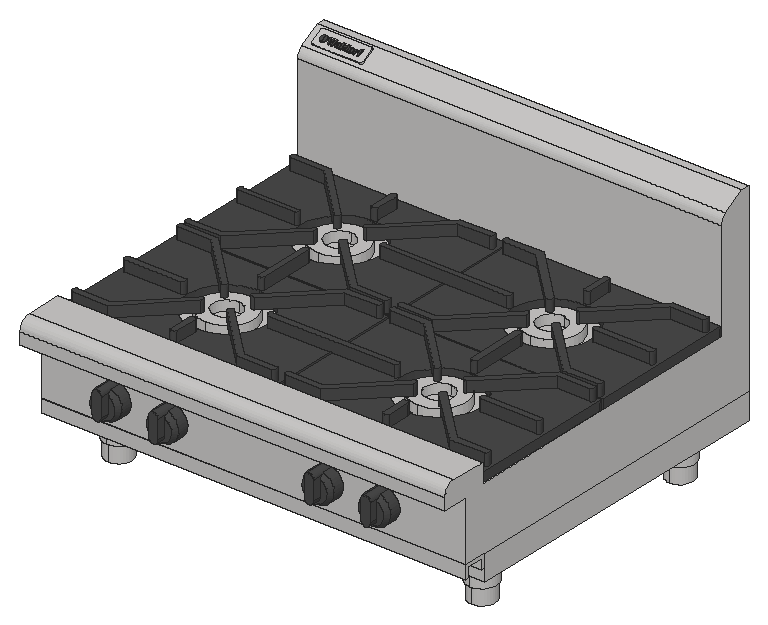
Revit family "QF_MOFFAT WALDORF_RN8900G-B", category Specialty Equipment, Revit 2012 (continued)
Automatic sketch dimensions
  plane 7 "Center Y" to curve 92 = 7.898 mm
  curve 29 to curve 31 = 20.0 mm
  curve 30 to curve 33 = 30.0 mm
  curve 33 to curve 34 = 20.0 mm
  plane 8 "Center X" to curve 103 = 5.372 mm
  curve 102 to curve 103 = 76.73 mm
  curve 34 to curve 65 = 10.065 mm
  plane 8 "Center X" to curve 93 = 25.628 mm
  curve 93 to curve 102 = 0.0 mm
  curve 109 to curve 109 = 76.73 mm
  curve 34 to curve 40 = 30.0 mm
  curve 37 to curve 39 = 20.0 mm
  plane 7 "Center Y" to curve 77 = 128.727 mm
  plane 7 "Center Y" to curve 64 = 128.727 mm
  curve 39 to curve 41 = 30.0 mm
  curve 41 to curve 43 = 20.0 mm
  curve 64 to curve 93 = 63.824 mm
  curve 77 to curve 110 = 63.824 mm
  curve 66 to curve 93 = 0.0 mm
  curve 103 to curve 110 = 0.0 mm
  curve 43 to curve 45 = 30.0 mm
  curve 103 to curve 91 = 31.449 mm
  curve 93 to curve 89 = 31.449 mm
  curve 96 to curve 88 = 0.0 mm
  curve 108 to curve 90 = 0.0 mm
  curve 104 to curve 90 = 0.0 mm
  curve 45 to curve 47 = 20.0 mm
  curve 96 to curve 116 = 1.793 mm
  curve 104 to curve 118 = 1.793 mm
  curve 47 to curve 50 = 30.0 mm
  curve 89 to curve 99 = 31.449 mm
  curve 91 to curve 101 = 31.449 mm
  curve 91 to curve 107 = 31.449 mm
  curve 89 to curve 95 = 31.449 mm
  curve 50 to curve 51 = 20.0 mm
  curve 107 to curve 105 = 60.449 mm
  curve 95 to curve 97 = 60.449 mm
  plane 8 "Center X" to curve 99 = 25.628 mm
  plane 4 "RIGHT" to curve 99 = 86.628 mm
  plane 8 "Center X" to curve 100 = 5.372 mm
  curve 100 to curve 98 = 0.0 mm
  plane 4 "RIGHT" to curve 94 = 86.628 mm
  plane 4 "RIGHT" to curve 107 = 86.628 mm
  plane 4 "RIGHT" to curve 105 = 9.898 mm
  plane 4 "RIGHT" to curve 98 = 9.898 mm
  plane 4 "RIGHT" to curve 97 = 9.898 mm
  plane 4 "RIGHT" to curve 94 = 9.898 mm
  plane 4 "RIGHT" to curve 100 = 9.898 mm
  plane 4 "RIGHT" to curve 106 = 9.898 mm
  plane 4 "RIGHT" to curve 112 = 1.0 mm
  curve 111 to plane 5 "FRONT" = 100.0 mm
  curve 81 to plane 5 "FRONT" = 127.398 mm
  curve 108 to plane 5 "FRONT" = 127.398 mm
  curve 58 to curve 106 = 29.128 mm
  curve 111 to curve 109 = 29.128 mm
  curve 58 to curve 79 = 29.128 mm
  curve 82 to curve 109 = 0.0 mm
  curve 108 to curve 108 = 49.204 mm
  curve 81 to curve 81 = 49.204 mm
  curve 108 to curve 118 = 6.322 mm
  curve 81 to curve 120 = 7.223 mm
  curve 120 to curve 85 = 27.675 mm
  curve 118 to curve 91 = 28.576 mm
  curve 85 to curve 80 = 25.551 mm
  curve 91 to curve 107 = 25.551 mm
  curve 90 to curve 110 = 25.551 mm
  curve 84 to curve 83 = 25.551 mm
  curve 107 to curve 117 = 29.955 mm
  curve 83 to curve 119 = 30.857 mm
  curve 105 to plane 8 "Center X" = 134.0 mm
  curve 119 to curve 84 = 0.592 mm
  curve 110 to curve 77 = 31.449 mm
  curve 117 to curve 91 = 1.494 mm
  curve 80 to curve 78 = 31.449 mm
  curve 103 to curve 90 = 25.551 mm
  curve 101 to curve 91 = 25.551 mm
  curve 76 to curve 84 = 25.551 mm
  curve 74 to curve 85 = 25.551 mm
  curve 118 to curve 104 = 13.146 mm
  curve 120 to curve 70 = 12.399 mm
  curve 112 to curve 68 = 10.0 mm
  plane 8 "Center X" to curve 104 = 73.102 mm
  plane 8 "Center X" to curve 70 = 73.102 mm
  curve 104 to curve 115 = 7.322 mm
  curve 70 to curve 114 = 8.223 mm
  curve 115 to curve 88 = 27.576 mm
  curve 114 to curve 86 = 26.675 mm
  curve 88 to curve 93 = 25.551 mm
  curve 89 to curve 99 = 25.551 mm
  curve 86 to curve 72 = 25.551 mm
  curve 87 to curve 69 = 25.551 mm
  curve 99 to curve 116 = 30.955 mm
  curve 115 to curve 88 = 0.494 mm
  curve 98 to curve 97 = 139.372 mm
  curve 72 to curve 64 = 31.449 mm
  curve 69 to curve 87 = 31.449 mm
  curve 69 to curve 67 = 31.449 mm
  curve 86 to curve 113 = 0.408 mm
  curve 66 to curve 88 = 25.551 mm
  curve 95 to curve 89 = 25.551 mm
  curve 60 to curve 87 = 25.551 mm
  curve 63 to curve 86 = 25.551 mm
  curve 114 to curve 61 = 7.408 mm
  curve 115 to curve 96 = 8.309 mm
  plane 1 "BACK" to curve 66 = 98.128 mm
  curve 60 to curve 2 = 77.029 mm
  curve 63 to curve 65 = 0.0 mm
  plane 1 "BACK" to curve 95 = 98.128 mm
  curve 61 to curve 61 = 49.204 mm
  curve 96 to curve 96 = 49.204 mm
  curve 65 to curve 111 = 28.128 mm
  curve 4 to curve 2 = 30.961 mm
  curve 111 to curve 28 = 19.218 mm
  curve 2 to curve 5 = 1.278 mm
  plane 1 "BACK" to curve 50 = 50.782 mm
  curve 96 to curve 48 = 45.615 mm
  curve 7 to curve 9 = 0.0 mm
  curve 44 to curve 45 = 0.0 mm
  curve 10 to curve 13 = 0.0 mm
  curve 40 to curve 41 = 0.0 mm
  curve 14 to curve 17 = 0.0 mm
  curve 18 to curve 21 = 0.0 mm
  curve 35 to curve 37 = 0.0 mm
  curve 111 to curve 32 = 19.218 mm
  plane 1 "BACK" to curve 26 = 20.984 mm
  plane 1 "BACK" to curve 30 = 20.984 mm
  plane 1 "BACK" to curve 24 = 20.984 mm
  plane 1 "BACK" to curve 33 = 20.984 mm
  plane 1 "BACK" to curve 20 = 20.984 mm
  plane 1 "BACK" to curve 37 = 20.984 mm
  plane 1 "BACK" to curve 16 = 20.984 mm
  plane 1 "BACK" to curve 41 = 20.984 mm
  plane 1 "BACK" to curve 12 = 20.984 mm
  plane 1 "BACK" to curve 45 = 20.984 mm
  plane 1 "BACK" to curve 50 = 20.984 mm
  plane 1 "BACK" to curve 7 = 20.984 mm
  Extrusion 1 to Extrusion 16 sketch curve = 110.5 mm  (x2)
  Extrusion 16 sketch curve to Extrusion 16 sketch curve = 57.0 mm  (x4)
  Extrusion 1 to Extrusion 16 sketch curve = 224.0 mm  (x2)
  Extrusion 1 to Extrusion 16 sketch curve = 226.0 mm  (x2)
  Extrusion 16 sketch curve to Extrusion 16 sketch curve = 185.0 mm  (x2)
  Extrusion 16 sketch curve to Extrusion 16 sketch curve = 0.0 mm  (x8)
  Extrusion 16 sketch curve to Extrusion 16 sketch curve = 27.0 mm  (x4)
  curve 86 to curve 121 = 0.0 mm  (x2)
  curve 86 to curve 122 = 27.0 mm
  curve 88 to curve 123 = 0.0 mm  (x2)
  curve 88 to curve 123 = 27.0 mm
  curve 90 to curve 125 = 0.0 mm  (x2)
  curve 90 to curve 125 = 27.0 mm
  curve 84 to curve 127 = 0.0 mm  (x2)
  curve 84 to curve 127 = 27.0 mm
  plane 3 "LEFT" to Extrusion 9 sketch curve = 13.21 mm  (x3)
  plane 1 "BACK" to Extrusion 9 sketch curve = 91.428 mm  (x4)
  plane 1 "BACK" to Extrusion 9 sketch curve = 96.398 mm  (x2)
  plane 4 "RIGHT" to Extrusion 9 sketch curve = 13.21 mm  (x4)
  Extrusion 9 sketch curve to Extrusion 9 sketch curve = 125.272 mm  (x2)
  plane 3 "LEFT" to Extrusion 9 sketch curve = 13.273 mm  (x2)
  plane 4 "RIGHT" to Extrusion 9 sketch curve = 87.354 mm  (x2)
  Extrusion 9 sketch curve to Extrusion 9 sketch curve = 74.143 mm
  plane 4 "RIGHT" to Extrusion 9 sketch curve = 13.273 mm  (x2)
  Extrusion 1 to Extrusion 17 sketch curve = 1.0 mm  (x5)
  Extrusion 17 sketch curve to Extrusion 17 sketch curve = 3.0 mm  (x9)
  Extrusion 1 to Extrusion 17 sketch curve = 4.0 mm  (x2)
  Extrusion 17 sketch curve to Extrusion 17 sketch curve = 0.0 mm  (x6)
  Extrusion 1 to Extrusion 17 sketch curve = 167.079 mm
  Extrusion 1 to Extrusion 17 sketch curve = 167.98 mm
  Extrusion 17 sketch curve to Extrusion 17 sketch curve = 144.395 mm  (x2)
  Extrusion 17 sketch curve to Extrusion 17 sketch curve = 145.296 mm
  Extrusion 17 sketch curve to Extrusion 1 = 167.921 mm
  Extrusion 17 sketch curve to Extrusion 1 = 167.02 mm
  Extrusion 17 sketch curve to Extrusion 1 = 4.0 mm  (x3)
  Extrusion 17 sketch curve to Extrusion 1 = 1.0 mm  (x2)
  Extrusion 1 to Extrusion 17 sketch curve = 224.937 mm  (x2)
  Extrusion 17 sketch curve to Extrusion 17 sketch curve = 220.251 mm  (x2)
  Extrusion 17 sketch curve to Extrusion 17 sketch curve = 3.625 mm  (x2)
  Extrusion 1 to Extrusion 17 sketch curve = 224.05 mm  (x2)
  radius of Extrusion 6 sketch curve = 13.5 mm
  radius of Extrusion 17 sketch curve = 84.082 mm  (x4)
Nested families
  nested 1: "WALDORF LOGO_FACE BASE" at (12.975, -21.442, 527.147) x (1, 0, 0) z (0, -0.5, 0.866), visible <- "Show Logo", type "WALDORF LOGO_FACE BASE", detail levels medium+fine
    with Show Logo yes
Connectors
  piping at (770, -32, 55)
    settings: on Extrusion 6, index 2, connector radius 0.37402", flow factor 0, pipe flow 0 GPM, pressure drop 0.00 psi, fitting loss kfactor 0, connector angle 0.00°, fixture units 0, engagement length 0.0 mm, flow configuration 1, flow direction 1, fitting loss method 0, system type 7, joint type 0, gender type 0, connector reference index -1, connector utility 0, adjustable connector no, is connector primary yes, fitting loss table "", connector description "GAS CONNECTION"
Definition of nested family "WALDORF LOGO_FACE BASE"
  Parameters (values of type "WALDORF LOGO_FACE BASE")
    Show Logo [instance] = yes
    Default Elevation = 1219.2 mm
  Reference planes
    plane 1 "Center (Front/Back)": y = 0
    plane 2: z = 0
    plane 3 "Center (Left/Right)": x = 0
  Forms (mm)
    Extrusion 1, solid
      sketch origin (0, 0, 0) x (1, 0, 0) y (0, 1, 0)
        loop
          line (-1219.2, 1219.2) -> (-1219.2, -1219.2) -> (1219.2, -1219.2) -> (1219.2, 1219.2) -> (-1219.2, 1219.2)
      from 0 to -304.8
    Extrusion 2, solid, material "QF_Finishes_Stainless Steel", visible <- "Show Logo"
      sketch origin (0, -33.217, 0) x (1, 0, 0) y (0, 1, 0)
        loop
          arc (5, 34.14) -> (1.464, 32.676) -> (0, 29.14) r 5
          line (0, 29.14) -> (0, 5)
          arc (0, 5) -> (1.464, 1.464) -> (5, 0) r 5
          line (5, 0) -> (104, 0)
          arc (104, 0) -> (107.536, 1.464) -> (109, 5) r 5
          line (109, 5) -> (109, 29.14)
          arc (109, 29.14) -> (107.536, 32.676) -> (104, 34.14) r 5
          line (104, 34.14) -> (5, 34.14)
      from 0 to 1.588
    Extrusion 3, solid, material "QF_Finishes_Black", visible <- "Show Logo"
      sketch origin (0, -33.217, 1.588) x (1, 0, 0) y (0, 1, 0)
        loop
          line (24.772, 23.214) -> (27.992, 10.301) -> (31.551, 10.301) -> (33.443, 17.364) -> (35.205, 10.301) -> (39.332, 10.301) -> (42.077, 23.214) -> (38.352, 23.214) -> (36.676, 15.33) -> (35, 23.214) -> (31.752, 23.214) -> (30.076, 15.33) -> (28.4, 23.214) -> (24.772, 23.214)
        loop
          line (42.272, 17.055) -> (45.703, 17.055)
          spline (45.703, 17.055) -> (45.741, 17.285) -> (45.852, 17.499) -> (46.028, 17.682) -> (46.258, 17.823) -> (46.526, 17.912) -> (46.813, 17.942) -> (47.1, 17.912) -> (47.368, 17.823) -> (47.597, 17.682) -> (47.774, 17.499) -> (47.884, 17.285) -> (47.922, 17.055)
          line (47.922, 17.055) -> (47.922, 16.222)
          arc (47.922, 16.222) -> (45.742, 16.014) -> (43.665, 15.317) r 9.604
          arc (43.665, 15.317) -> (41.924, 12.809) -> (43.665, 10.301) r 2.677
          arc (43.665, 10.301) -> (45.527, 10.353) -> (47.332, 10.816) r 8.365
          line (47.332, 10.816) -> (48.092, 11.105) -> (48.092, 10.301) -> (51.817, 10.301) -> (51.817, 17.055)
          spline (51.817, 17.055) -> (51.654, 17.821) -> (51.178, 18.535) -> (50.419, 19.148) -> (49.431, 19.619) -> (48.28, 19.914) -> (47.044, 20.015) -> (45.809, 19.914) -> (44.658, 19.619) -> (43.67, 19.148) -> (42.911, 18.535) -> (42.434, 17.821) -> (42.272, 17.055)
        loop
          line (53.151, 23.214) -> (53.151, 10.301) -> (57.37, 10.301) -> (57.37, 23.214) -> (53.151, 23.214)
        loop
          line (64.874, 23.214) -> (64.874, 18.857)
          arc (64.874, 18.857) -> (58.083, 15.11) -> (64.874, 11.363) r 4.429
          line (64.874, 11.363) -> (64.874, 10.301) -> (68.378, 10.301) -> (68.378, 23.214) -> (64.874, 23.214)
        loop
          arc (64.874, 16.083) -> (61.41, 14.987) -> (64.874, 13.891) r 1.905
          line (64.874, 13.891) -> (64.874, 16.083)
        loop
          circle (74.623, 15.223) r 5
        loop
          spline (74.623, 17.856) -> (74.355, 17.766) -> (74.105, 17.503) -> (73.891, 17.084) -> (73.726, 16.539) -> (73.623, 15.904) -> (73.588, 15.223) -> (73.623, 14.541) -> (73.726, 13.906) -> (73.891, 13.361) -> (74.105, 12.942) -> (74.355, 12.679) -> (74.623, 12.59)
          spline (74.623, 12.59) -> (74.891, 12.679) -> (75.141, 12.942) -> (75.355, 13.361) -> (75.52, 13.906) -> (75.623, 14.541) -> (75.659, 15.223) -> (75.623, 15.904) -> (75.52, 16.539) -> (75.355, 17.084) -> (75.141, 17.503) -> (74.891, 17.766) -> (74.623, 17.856)
        loop
          line (81.255, 19.813) -> (81.255, 10.301) -> (84.834, 10.301) -> (84.834, 14.176)
          arc (84.834, 14.176) -> (85.854, 16.093) -> (88.013, 16.32) r 2.313
          line (88.013, 16.32) -> (88.013, 19.813) -> (87.161, 19.813)
          arc (87.161, 19.813) -> (85.526, 19.266) -> (84.549, 17.844) r 2.717
          line (84.549, 17.844) -> (84.549, 19.813) -> (81.255, 19.813)
        loop
          line (90.249, 19.813) -> (88.91, 19.813) -> (88.91, 17.614) -> (90.249, 17.614) -> (90.249, 10.301) -> (93.998, 10.301) -> (93.998, 17.614) -> (95.418, 17.614) -> (95.418, 19.813) -> (93.998, 19.813)
          arc (93.998, 19.813) -> (94.414, 20.817) -> (95.418, 21.233) r 1.42
          line (95.418, 21.233) -> (95.418, 23.602) -> (93.317, 23.602)
          arc (93.317, 23.602) -> (91.343, 22.903) -> (90.249, 21.118) r 3.137
          line (90.249, 21.118) -> (90.249, 19.813)
        loop
          arc (15.241, 23.571) -> (8.392, 16.525) -> (15.241, 9.479) r 7.049
          line (15.241, 9.479) -> (15.241, 23.571)
        loop
          line (15.641, 23.571) -> (15.641, 9.479)
          arc (15.641, 9.479) -> (22.49, 16.525) -> (15.641, 23.571) r 7.049
        loop
          arc (47.922, 14.711) -> (46.266, 13.749) -> (47.922, 12.787) r 1.107
          line (47.922, 12.787) -> (47.922, 14.711)
      from 0 to 0.2
  Dimensions and locks
    aligned and locked: plane 2 to Extrusion 1
    aligned and locked: level to Extrusion 1
